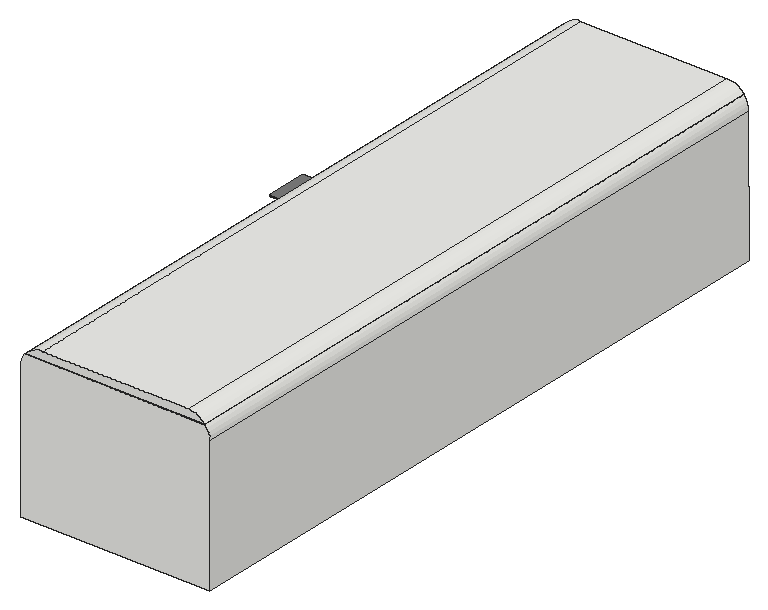
Revit family "TallUnit-45cm-SingleCover-Right-Vitra-NestTrendySeries-56428+56189+56190+56191", category Furniture, host Face, Revit 2017
Family settings
  Host = Face
  OmniClass Number = 23.40.20.00
  OmniClass Title = General Furniture and Specialties
  Cut with Voids When Loaded = No
  Shared = Yes
  Room Calculation Point = No
Parameters (values of type "TallUnit-45cm-SingleCover-Right-Vitra-NestTrendySeries-56428")
  Youtube = "https://www.youtube.com/user/VitrAglobal"
  Weight Net (kg) = ""
  Warranty Period (Year) = "2"
  Uniformat II Description = "Fixed Furnishings"
  Uniformat II Code = "E2010"
  Uniclass 2015 Name = "Bathroom Cabinets"
  Uniclass 2015 Code = "Pr_40_30_78_03"
  Uniclass 2.0 Description = "Bathroom Cabinets"
  Uniclass 2.0 Code = "PR-35-75-08"
  Uniclass 1.4 Description = "Bathroom Cabinets"
  Uniclass 1.4 Code = "L8241"
  URL = "https://vitraglobal.com/"
  UNSPSC Description = "Bathroom Cabinets"
  UNSPSC Code = "30161801"
  Technical description = "https://www.vitraglobal.com/pdf/56428/"
  Tap hole Options (default) = ""
  Specification = ""
  Secondary Material = Metal
  Region South America = "All"
  Region Oceania = "All"
  Region North America = "All"
  Region Middle East = "All"
  Region Europe = "All"
  Region Asia = "All"
  Region Antarctica = "All"
  Region Africa = "All"
  Product url = "https://www.vitraglobal.com/bathroom-furniture/tall-units/standard-tall-units/nest-tall-unit-sku-56428/"
  Product manual = ""
  Product group = "Bathroom Furniture"
  Product family = "Nest Trendy"
  Product data url = "https://www.bimobject.com/vitra-bathrooms/product/56428-56189-56190-56191"
  Product certification = "https://www.vitraglobal.com/brochures/"
  Product SKU = "56428"
  Product Guid = ""
  Primary Material = High Gloss White
  OmniClass Description = "Bathroom Cabinets"
  OmniClass Code = "23-31 25 13"
  Nominal Width (mm) = 460 mm
  Nominal Height (mm) = 1600 mm
  Nominal Depth (mm) = 370 mm
  NBS Referans Description = "Bathroom Cabinets"
  NBS Referans Code = "35-75-08"
  Mounting type = "Wall-Hung"
  Model = "56428"
  Masterformat 2014 Description = "Bathroom Casework"
  Masterformat 2014 Code = "12 35 30.23"
  Manufacturer name = "VitrA"
  Manufacturer = "Vitra"
  Main Material = "Wood"
  Installation instructions = ""
  IFC Classification = "Furniture"
  EAN code = ""
  Design country = "Turkey"
  Description = "Nest Trendy Tall Unit"
  Default Elevation = 660 mm
  Color = "High Gloss White"
  COBIe Type Category = ""
  Brand = "VitrA"
  BIMobject category = "Storage"
  Article No. (default) = "56428"
  Accessories (default) = ""
Types (4, lengths in mm): name | Technical description | Product url | Product data url | Product SKU | Primary Material | Model | Color | Article No. (default)
  TallUnit-45cm-SingleCover-Right-Vitra-NestTrendySeries-56428 | "https://www.vitraglobal.com/pdf/56428/" | "https://www.vitraglobal.com/bathroom-furniture/tall-units/standard-tall-units/nest-tall-unit-sku-56428/" | "https://www.bimobject.com/vitra-bathrooms/product/56428-56189-56190-56191" | "56428" | High Gloss White | "56428" | "High Gloss White" | "56428"
  TallUnit-45cm-SingleCover-Right-Vitra-NestTrendySeries-56189 | "https://www.vitraglobal.com/pdf/56189/" | "https://www.vitraglobal.com/bathroom-furniture/tall-units/standard-tall-units/nest-tall-unit-sku-56189/" | "" | "56189" | High Gloss Anthracite | "56189" | "High Gloss Anthracite" | "56189"
  TallUnit-45cm-SingleCover-Right-Vitra-NestTrendySeries-56190 | "https://www.vitraglobal.com/pdf/56190/" | "https://www.vitraglobal.com/bathroom-furniture/tall-units/standard-tall-units/nest-tall-unit-sku-56190/" | "" | "56190" | Waved Natural Wood | "56190" | "Waved Natural Wood" | "56190"
  TallUnit-45cm-SingleCover-Right-Vitra-NestTrendySeries-56191 | "https://www.vitraglobal.com/pdf/56191/" | "https://www.vitraglobal.com/bathroom-furniture/tall-units/standard-tall-units/nest-tall-unit-sku-56191/" | "" | "56191" | Grey Natural Wood | "56191" | "Grey Natural Wood" | "56191"
Reference planes
  plane 1 "Center (Front/Back)": y = 0
  plane 2: z = 0
  plane 3 "Center (Left/Right)": x = 0
  plane 4: y = -1160
  plane 5: y = -800
  plane 6: y = 800
  plane 7: x = 236
  plane 8: x = -224
  plane 9: z = 370
Forms (mm)
  Extrusion 1, solid, material "High Gloss White" <- "Primary Material", detail levels fine
    sketch origin (0, 0, 0) x (-1, 0, 0) y (0, 0, -1)
      loop
        arc (-224, -318.003) -> (-221.016, -335.017) -> (-212.421, -350) r 50
        line (-212.421, -350) -> (214.421, -350)
        arc (214.421, -350) -> (223.016, -335.017) -> (226, -318.003) r 50
        line (226, -318.003) -> (226, 0) -> (-224, 0) -> (-224, -318.003)
    from -800 to 800
  Extrusion 2, solid, material "High Gloss White" <- "Primary Material", detail levels fine
    sketch origin (0, 0, 0) x (-1, 0, 0) y (0, 0, -1)
      loop
        arc (173.16, -370) -> (194.373, -365.277) -> (211.579, -352) r 50
        line (211.579, -352) -> (-212.421, -352)
        arc (-212.421, -352) -> (-195.215, -365.277) -> (-174.002, -370) r 50
        line (-174.002, -370) -> (173.16, -370)
    from -800 to 800
  Extrusion 3, solid, material "Metal" <- "Secondary Material", detail levels fine
    sketch origin (0, 0, 0) x (-1, 0, 0) y (0, -1, 0)
      loop
        arc (234.579, 46) -> (233.407, 48.828) -> (230.579, 50) r 4
        line (230.579, 50) -> (178.579, 50)
        arc (178.579, 50) -> (175.751, 48.828) -> (174.579, 46) r 4
        line (174.579, 46) -> (174.579, -46)
        arc (174.579, -46) -> (175.751, -48.828) -> (178.579, -50) r 4
        line (178.579, -50) -> (230.579, -50)
        arc (230.579, -50) -> (233.407, -48.828) -> (234.579, -46) r 4
        line (234.579, -46) -> (234.579, 46)
    from 350 to 352
  Extrusion 4, solid, detail levels medium
    sketch origin (0, 0, 0) x (-1, 0, 0) y (0, 0, -1)
      loop
        arc (176, -370) -> (211.355, -355.355) -> (226, -320) r 50
        line (226, -320) -> (226, 0) -> (-224, 0) -> (-224, -320)
        arc (-224, -320) -> (-209.355, -355.355) -> (-174, -370) r 50
        line (-174, -370) -> (176, -370)
    from -800 to 800
  Extrusion 5, solid, detail levels coarse
    sketch origin (0, 0, 0) x (-1, 0, 0) y (0, -1, 0)
      loop
        line (236, -800) -> (236, 800) -> (-224, 800) -> (-224, -800) -> (236, -800)
    from 0 to 370
  Extrusion 6, void
    sketch origin (0, 0, 0) x (1, 0, 0) y (0, 0, 1)
      loop
        arc (212.421, 776) -> (-87.392, 651.813) -> (-211.579, 352) r 424
        line (-211.579, 352) -> (212.421, 352) -> (212.421, 776)
    from -800 to 800
Dimensions and locks
  plane 5 to plane 4 = 360 mm
  "Nominal Width (mm)": plane 8 to plane 7
  "Nominal Height (mm)": plane 6 to plane 5
  "Nominal Depth (mm)": plane 9 to level
  aligned and locked: plane 2 to host face
  aligned and locked: level to host face
Automatic sketch dimensions
  host sketch curve to host sketch curve = 2438.4 mm
  host sketch curve to host sketch curve = 2743.2 mm
  Extrusion 1 sketch curve to level = 0 mm
  plane 7 to Extrusion 1 sketch curve = 12 mm
  Extrusion 1 sketch curve to plane 9 = 20 mm
  plane 7 to Extrusion 1 sketch curve = 23.579 mm
  Extrusion 1 sketch curve to Extrusion 1 sketch curve = 38.421 mm
  Extrusion 1 sketch curve to plane 8 = 48 mm
  Extrusion 1 sketch curve to plane 8 = 9.579 mm
  plane 8 to Extrusion 1 sketch curve = 2 mm
  Extrusion 2 sketch curve to plane 9 = 0 mm
  plane 7 to Extrusion 2 sketch curve = 23.579 mm
  Extrusion 2 sketch curve to Extrusion 2 sketch curve = 38.419 mm
  Extrusion 2 sketch curve to plane 8 = 50.84 mm
  Extrusion 2 sketch curve to plane 8 = 12.421 mm
  Extrusion 2 sketch curve to plane 9 = 18 mm
  Extrusion 3 sketch curve to plane 8 = 49.421 mm
  Extrusion 3 sketch curve to Extrusion 3 sketch curve = 4 mm  (x3)
  plane 8 to Extrusion 3 sketch curve = 6.579 mm  (x2)
  Extrusion 3 sketch curve to plane 1 "Center (Front/Back)" = 50 mm
  plane 1 "Center (Front/Back)" to Extrusion 3 sketch curve = 46 mm
  Extrusion 4 sketch curve to level = 0 mm
  Extrusion 4 sketch curve to plane 9 = 0 mm
  plane 7 to Extrusion 4 sketch curve = 12 mm
  Extrusion 4 sketch curve to Extrusion 4 sketch curve = 50 mm
  Extrusion 4 sketch curve to plane 8 = 48 mm
  plane 8 to Extrusion 4 sketch curve = 2 mm
  Extrusion 5 sketch curve to plane 6 = 0 mm
  Extrusion 5 sketch curve to plane 5 = 0 mm
  plane 7 to Extrusion 5 sketch curve = 12 mm
  plane 8 to Extrusion 5 sketch curve = 12 mm
  plane 7 to Extrusion 6 sketch curve = 23.579 mm
  Extrusion 6 sketch curve to plane 9 = 18 mm
  Extrusion 6 sketch curve to plane 8 = 12.421 mm
